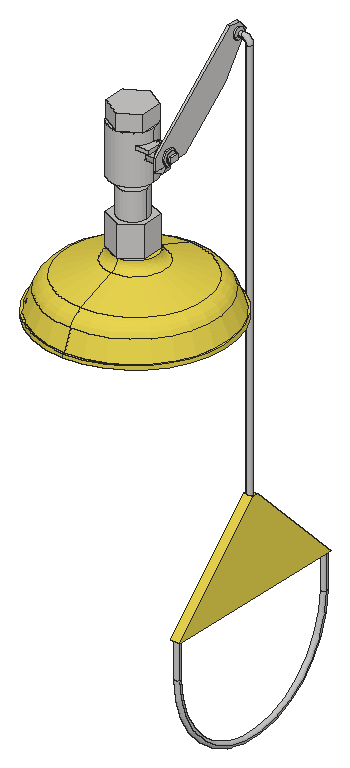
Revit family "Sanitary_Other_Encon-Safety_Vertical-Showers-30-gpm-ABS-Hi-Viz-Shower-Head", category Plumbing Fixtures, Revit 2019
Family settings
  Round Connector Dimension = Use Diameter
  Part Type = Normal
  OmniClass Number = 23.45.05.14.24
  OmniClass Title = Eye Wash Fountains
  Work Plane-Based = No
  Always vertical = Yes
  Cut with Voids When Loaded = No
  Shared = No
  Room Calculation Point = No
Parameters (values of type "01052502")
  Width = 15.155"
  Waste Connection = 1 = 1  # yes
  WFU = 0
  Vent Connection = no
  URL = "https://enconsafety.com/"
  Supply Diameter = 1"
  Product data url = "https://www.bimobject.com/encon/product/Vertical_showers_30_gpm_ABS_Hi-Viz_shower_head"
  Product Guid = "7155e654-505d-43d8-a268-c4885b60186b"
  Model = "01052502"
  Piping Material = Encon Safety Products - Metal - Steel Galvanized
  Manufacturer = "Encon Safety Products"  # constant formula
  Keynote = "15410"
  Height = 43 5/8"
  Heads Material = Encon Safety Products - Plastic - Acetal - Yellow
  HWFU = 0
  HW Connection = no
  Flow = 30 GPM
  Edition number = 1  # constant formula
  Description = "Vertical showers 30 gpm ABS Hi-Viz shower head"
  Depth = 0"
  CWFU = 0
  CW Connection = 1 = 1  # yes
  Assembly Code = "D2010600"
Reference planes (in)
  plane 1 "Center (Front/Back)": y = 0
  plane 2: z = 0
  plane 3 "Center (Left/Right)": x = 0
  plane 4: z = 6.5
  plane 5: z = 37.90625
  plane 6: z = 39.6563
  plane 7: z = 43.625
  plane 8 "1": z = 0.45439
Forms (in)
  Revolve 1, solid, material "Encon Safety Products - Plastic - Acetal - Yellow" <- "Heads Material"
    sketch origin (0, 0, 0) x (0, 1, 0) y (0, 0, 1)
      loop
        line (4.17276, 0) -> (4.17276, 0.1875) -> (4.08965, 0.1875) -> (3.73932, 1.05458)
        arc (3.73932, 1.05458) -> (3.5068, 1.39931) -> (3.15416, 1.61966) r 1
        line (3.15416, 1.61966) -> (1.33889, 2.28037)
        arc (1.33889, 2.28037) -> (1.09604, 2.46222) -> (1, 2.75) r 0.50843
        line (1, 2.75) -> (0, 2.75) -> (0, 2.63504) -> (0.87644, 2.63504)
        arc (0.87644, 2.63504) -> (1.0427, 2.3399) -> (1.32507, 2.15276) r 0.72369
        line (1.32507, 2.15276) -> (3.1402, 1.4921)
        arc (3.1402, 1.4921) -> (3.45368, 1.29622) -> (3.66039, 0.98977) r 0.88895
        line (3.66039, 0.98977) -> (3.98452, 0.1875) -> (3.98452, 0) -> (4.17276, 0)
      axis (0, 2.75) -> (0, 0)
    angle from 0 to 360
  Extrusion 2, solid, material "Encon Safety Products - Metal - Steel Galvanized" <- "Piping Material"
    sketch origin (0, 0, 0) x (1, 0, 0) y (0, 1, 0)
      loop
        line (-0.19084, 1.00698) -> (-1.02162, 0.43197) -> (-0.93904, -0.57501) -> (-0.02567, -1.00698) -> (0.80511, -0.43197) -> (0.72252, 0.57501) -> (-0.19084, 1.00698)
    from 2.75058 to 4.15634
  Extrusion 3, solid, material "Encon Safety Products - Plastic - ABS - Yellow"
    sketch origin (0, 0, 0) x (0, 1, 0) y (0, 0, 1)
      loop
        line (4.14669, -8.48204) -> (3.89678, -8.48204) -> (-0.33836, -12.71718) -> (8.38183, -12.71718) -> (4.14669, -8.48204)
    from 1.9505 to 2.3755
  Sweep 4, solid, material "Encon Safety Products - Metal - Steel Galvanized" <- "Piping Material"
    path origin (2.15981, -9.99925, 0.59815) x (0, 1, 0) y (0, 0, 1)
      loop
        line (18.25901, -13.33602) -> (18.25901, -14.90297)
        arc (18.25901, -14.90297) -> (14.01091, -19.15107) -> (9.76281, -14.90297) r 4.2481
        line (9.76281, -14.90297) -> (9.76281, -13.33602)
    profile origin (2.15981, 8.25976, -13.52134) x (1, 0, 0) y (0, 1, 0)
      loop
        circle (0, 0) r 0.12781
  Sweep 5, solid, material "Encon Safety Products - Metal - Steel Galvanized" <- "Piping Material"
    path origin (0, -9.86487, 0) x (1, 0, 0) y (0, 0, 1)
      loop
        line (1.13533, 10.44119) -> (1.82751, 10.44119)
        arc (1.82751, 10.44119) -> (2.00428, 10.36797) -> (2.07751, 10.19119) r 0.25
        line (2.07751, 10.19119) -> (2.07751, -8.55881)
    profile origin (1.13533, -9.86487, 10.44119) x (0, 0, 1) y (0, -1, 0)
      loop
        arc (-0.00691, -14.01221) -> (0.1514, -13.8872) -> (-0.0069, -13.76217) r 0.12852
        arc (-0.0069, -13.76217) -> (-0.10564, -13.88719) -> (-0.00691, -14.01221) r 0.12852
  Extrusion 6, solid, material "Encon Safety Products - Metal - Steel Galvanized" <- "Piping Material"
    sketch origin (0, 0, 0) x (0, 1, 0) y (0, 0, 1)
      loop
        line (3.65894, 10.89584) -> (-0.6562, 7.27501) -> (-0.6562, 6.72323) -> (-0.29409, 6.72323) -> (1.0198, 6.72323) -> (3.33042, 8.66207) -> (4.55515, 10.41117) -> (4.18725, 10.84962) -> (3.65894, 10.89584)
    from 1.38424 to 1.50924
  Extrusion 7, solid, material "Encon Safety Products - Metal - Steel Galvanized" <- "Piping Material"
    sketch origin (0, 0, 0) x (0, 1, 0) y (0, 0, 1)
      loop
        circle (4.02076, 10.46728) r 0.25
    from 1.50924 to 1.63424
  Extrusion 8, solid, material "Encon Safety Products - Metal - Steel Galvanized" <- "Piping Material"
    sketch origin (0, 0, 0) x (1, 0, 0) y (0, 0, 1)
      loop
        line (0.96958, 6.38931) -> (1.00193, 6.26857) -> (1.32395, 6.35485)
        arc (1.32395, 6.35485) -> (1.45763, 6.44496) -> (1.50924, 6.59768) r 0.25176
        line (1.50924, 6.59768) -> (1.50924, 6.72323) -> (1.38424, 6.72323) -> (1.38424, 6.59768)
        arc (1.38424, 6.59768) -> (1.35846, 6.52105) -> (1.2916, 6.4756) r 0.12677
        line (1.2916, 6.4756) -> (0.96958, 6.38931)
    from -0.13321 to 0.11679
  Extrusion 9, solid, material "Encon Safety Products - Metal - Steel Galvanized" <- "Piping Material"
    sketch origin (0, 0, 0) x (0, 1, 0) y (0, 0, 1)
      loop
        line (-0.71751, 7.52534) -> (-0.71751, 7.35335) -> (0, 7.35335)
        arc (0, 7.35335) -> (0.17961, 7.27896) -> (0.254, 7.09935) r 0.254
        line (0.254, 7.09935) -> (0.254, 6.39134) -> (0.434, 6.39134) -> (0.434, 7.09134)
        arc (0.434, 7.09134) -> (0.30688, 7.39822) -> (0, 7.52534) r 0.434
        line (0, 7.52534) -> (-0.71751, 7.52534)
    from 0 to 1.22799
  Extrusion 10, solid, material "Encon Safety Products - Metal - Steel Galvanized" <- "Piping Material"
    sketch origin (0, 0, 0) x (0, 1, 0) y (0, 0, 1)
      loop
        circle (0, 7.08784) r 0.43747
    from 0 to 1.25924
  Extrusion 11, solid, material "Encon Safety Products - Metal - Steel Galvanized" <- "Piping Material"
    sketch origin (0, 0, 0) x (0, 1, 0) y (0, 0, 1)
      loop
        line (0, 7.47634) -> (-0.33342, 7.28384) -> (-0.33342, 6.89884) -> (0, 6.70634) -> (0.33342, 6.89884) -> (0.33342, 7.28384) -> (0, 7.47634)
    from 1.25924 to 1.38424
  Extrusion 12, solid, material "Encon Safety Products - Metal - Steel Galvanized" <- "Piping Material"
    sketch origin (0, 0, 0) x (0, 1, 0) y (0, 0, 1)
      loop
        line (0.18042, 7.40384) -> (-0.18042, 7.40384) -> (-0.36084, 7.09134) -> (-0.18042, 6.77884) -> (0.18042, 6.77884) -> (0.36084, 7.09134) -> (0.18042, 7.40384)
    from 1.50924 to 1.63424
  Extrusion 13, solid, material "Encon Safety Products - Metal - Steel Galvanized" <- "Piping Material"
    sketch origin (0, 0, 0) x (0, 1, 0) y (0, 0, 1)
      loop
        circle (0, 7.09051) r 0.25
    from 1.63424 to 1.70604
  Extrusion 14, solid, material "Encon Safety Products - Metal - Steel Galvanized" <- "Piping Material"
    sketch origin (0, 0, 0) x (0, 1, 0) y (0, 0, 1)
      loop
        arc (-0.17799, 7.21634) -> (-0.21983, 7.09134) -> (-0.17799, 6.96634) r 0.20765
        line (-0.17799, 6.96634) -> (0.17799, 6.96634)
        arc (0.17799, 6.96634) -> (0.21668, 7.09134) -> (0.17799, 7.21634) r 0.22127
        line (0.17799, 7.21634) -> (-0.17799, 7.21634)
    from 1.70604 to 1.83624
  Extrusion 15, solid, material "Encon Safety Products - Metal - Steel Galvanized" <- "Piping Material"
    sketch origin (0, 0, 0) x (1, 0, 0) y (0, 1, 0)
      loop
        circle (-0.10826, 0) r 0.6575
    from 4.15634 to 5.40634
  Extrusion 16, solid, material "Encon Safety Products - Metal - Steel Galvanized" <- "Piping Material"
    sketch origin (0, 0, 0) x (1, 0, 0) y (0, 1, 0)
      loop
        line (-0.10826, 1) -> (-0.97428, 0.5) -> (-0.97428, -0.5) -> (-0.10826, -1) -> (0.75777, -0.5) -> (0.75777, 0.5) -> (-0.10826, 1)
    from 8.02634 to 8.77634
  Extrusion 17, solid, material "Encon Safety Products - Metal - Steel Galvanized" <- "Piping Material"
    sketch origin (0, 0, 0) x (1, 0, 0) y (0, 1, 0)
      loop
        circle (-0.10826, 0) r 1
    from 5.78134 to 8.02634
Cuts and joins
  joined: Extrusion 6, Extrusion 8
Lines and regions (in)
  Masking region 1
    outline origin (0, 0, 0) x (1, 0, 0) y (0, 1, 0)
      loop
        line (-0.66673, 1.48392) -> (0.67222, 1.48392) -> (0.67222, 7.10983) -> (-0.66673, 7.10983) -> (-0.66673, 1.48392)
  Masking region 2
    outline origin (0, 0, 0) x (1, 0, 0) y (0, 1, 0)
      loop
        arc (-0.66673, 4.11915) -> (-4.15933, -0.33444) -> (0, -4.17276) r 4.17276
        arc (0, -4.17276) -> (4.15911, -0.33721) -> (0.67222, 4.11825) r 4.17276
        line (0.67222, 4.11825) -> (0.67222, 1.48392) -> (-0.66673, 1.48392) -> (-0.66673, 4.11915)
  Masking region 3
    outline origin (0, 0, 0) x (1, 0, 0) y (0, 1, 0)
      loop
        line (0.75, 0) -> (0.75, 1.18186) -> (-0.75, 1.18186) -> (-0.75, 0)
        arc (-0.75, 0) -> (0, -0.75) -> (0.75, 0) r 0.75
  Masking region 4, detail levels fine
    outline origin (0, 0, 0) x (1, 0, 0) y (0, 1, 0)
      loop
        line (-0.75, 0.43301) -> (-1, 0) -> (-0.5, -0.86603) -> (0.5, -0.86603) -> (1, 0) -> (0.75, 0.43301) -> (0.75, 0)
        arc (0.75, 0) -> (0, -0.75) -> (-0.75, 0) r 0.75
        line (-0.75, 0) -> (-0.75, 0.43301)
  Masking region 5
    outline origin (0, 0, 0) x (1, 0, 0) y (0, 1, 0)
      loop
        line (-0.89371, 1.48392) -> (-0.89371, 1.18186) -> (0.89371, 1.18186) -> (0.89371, 1.48392) -> (-0.89371, 1.48392)
  Masking region 6
    outline origin (0, 0, 0) x (1, 0, 0) y (0, 1, 0)
      loop
        arc (-0.75, 0.66144) -> (-0.91144, -0.41144) -> (0, -1) r 1
        arc (0, -1) -> (0.91144, -0.41144) -> (0.75, 0.66144) r 1
        line (0.75, 0.66144) -> (0.75, 0)
        arc (0.75, 0) -> (0, -0.75) -> (-0.75, 0) r 0.75
        line (-0.75, 0) -> (-0.75, 0.66144)
  Masking region 7, detail levels fine
    outline origin (0, 0, 0) x (1, 0, 0) y (0, 1, 0)
      loop
        line (0.76429, 7.10983) -> (0.76429, 7.98448) -> (-0.76429, 7.98448) -> (-0.76429, 7.10983) -> (0.76429, 7.10983)
      loop
        line (-0.76429, 10.48364) -> (-0.76429, 9.63356) -> (0.76429, 9.63356) -> (0.76429, 10.48364) -> (-0.76429, 10.48364)
      loop
        line (1.6175, 8.07596) -> (1.6175, 14.31819) -> (1.4925, 14.31819) -> (1.4925, 8.07596) -> (1.6175, 8.07596)
  Masking region 8, detail levels fine
    outline origin (0, 0, 0) x (1, 0, 0) y (0, 1, 0)
      loop
        line (0.9464, 9.63356) -> (-0.9464, 9.63356) -> (-0.9464, 7.98448) -> (0.9464, 7.98448) -> (0.9464, 8.48448)
        arc (0.9464, 8.48448) -> (0.86545, 8.93402) -> (0.9464, 9.38356) r 1.28877
        line (0.9464, 9.38356) -> (0.9464, 9.63356)
  Masking region 9, detail levels fine
    outline origin (0, 0, 0) x (1, 0, 0) y (0, 1, 0)
      loop
        line (0.94216, 8.49603) -> (1.3675, 8.49603) -> (1.3675, 9.38356) -> (0.9464, 9.38356)
        arc (0.9464, 9.38356) -> (0.86547, 8.94017) -> (0.94216, 8.49603) r 1.28877
  Masking region 10, detail levels fine
    outline origin (0, 0, 0) x (1, 0, 0) y (0, 1, 0)
      loop
        line (1.3675, 9.32) -> (1.3675, 8.55) -> (1.4925, 8.55) -> (1.4925, 9.32) -> (1.3675, 9.32)
      loop
        line (1.7375, 8.57416) -> (1.7375, 9.29584) -> (1.6175, 9.29584) -> (1.6175, 8.57416) -> (1.7375, 8.57416)
  Masking region 11, detail levels fine
    outline origin (0, 0, 0) x (1, 0, 0) y (0, 1, 0)
      loop
        line (1.82696, 8.67894) -> (1.82696, 9.19686) -> (1.7375, 9.19686) -> (1.7375, 8.67894) -> (1.82696, 8.67894)
  Masking region 12, detail levels fine
    outline origin (0, 0, 0) x (1, 0, 0) y (0, 1, 0)
      loop
        line (1.9445, 9.0606) -> (1.82696, 9.0606) -> (1.82696, 8.81055) -> (1.9445, 8.81055) -> (1.9445, 9.0606)
  Masking region 13, detail levels fine
    outline origin (0, 0, 0) x (1, 0, 0) y (0, 1, 0)
      loop
        line (1.23565, 14.00647) -> (1.23565, 13.7495) -> (1.4925, 13.7495) -> (1.4925, 14.00647) -> (1.23565, 14.00647)
      loop
        line (1.7375, 14.09614) -> (1.6175, 14.09614) -> (1.6175, 13.59363) -> (1.7375, 13.59363) -> (1.7375, 14.09614)
  Masking region 14, detail levels fine
    outline origin (0, 0, 0) x (1, 0, 0) y (0, 1, 0)
      loop
        arc (2.16974, 13.74943) -> (2.29827, 13.87795) -> (2.16974, 14.00647) r 0.12852
        line (2.16974, 14.00647) -> (1.7375, 14.00647) -> (1.7375, 13.74943) -> (2.16974, 13.74943)
  Masking region 15
    outline origin (0, 0, 0) x (1, 0, 0) y (0, 1, 0)
      loop
        line (1.9505, 18.27842) -> (1.9505, 14.00647) -> (2.16974, 14.00647)
        arc (2.16974, 14.00647) -> (2.29827, 13.87795) -> (2.16974, 13.74943) r 0.12852
        line (2.16974, 13.74943) -> (1.9505, 13.74943) -> (1.9505, 9.47747) -> (2.3755, 9.47747) -> (2.3755, 18.27842) -> (1.9505, 18.27842)
  Masking region 16, detail levels coarse+medium
    outline origin (0, 0, 0) x (1, 0, 0) y (0, 1, 0)
      loop
        line (-0.76429, 10.48364) -> (-0.76429, 7.10983) -> (0.76429, 7.10983) -> (0.76429, 10.48364) -> (-0.76429, 10.48364)
  Masking region 17, detail levels coarse+medium
    outline origin (0, 0, 0) x (1, 0, 0) y (0, 1, 0)
      loop
        line (1.4925, 14.31819) -> (1.4925, 8.07596) -> (1.6175, 8.07596) -> (1.6175, 14.31819) -> (1.4925, 14.31819)
  Masking region 18, detail levels coarse+medium
    outline origin (0, 0, 0) x (1, 0, 0) y (0, 1, 0)
      loop
        line (2.16974, 14.00647) -> (1.7375, 14.00647) -> (1.6175, 14.00647) -> (1.6175, 13.74943) -> (1.7375, 13.74943) -> (2.16974, 13.74943)
        arc (2.16974, 13.74943) -> (2.29827, 13.87795) -> (2.16974, 14.00647) r 0.12852
  Masking region 19, detail levels coarse+medium
    outline origin (0, 0, 0) x (1, 0, 0) y (0, 1, 0)
      loop
        line (0.76429, 9.38179) -> (0.76429, 8.48468) -> (1.4925, 8.48468) -> (1.4925, 9.38179) -> (0.76429, 9.38179)
Dimensions and locks (in)
  plane 4 to plane 2 = 6 1/2"
  plane 5 to plane 2 = 37 29/32"
  plane 7 to plane 2 = 43 5/8"
  locked: plane 8 "1" to level at 0.45439
  aligned and locked: plane 2 to level
Connectors (in)
  piping at (-0.10826, 0, 8.77634), diameter 1, driven by "Supply Diameter", driven by "CWFU"
    settings: on Extrusion 16, index 1, connector inside diameter 24", connector length 0", flow factor 0, pipe flow 0 GPM, pressure drop 0.00 psi, fitting loss kfactor 0, connector angle 0.00°, fixture units 0, engagement length 0", angle of deflection 0.00°, flow configuration 3, flow direction 1, fitting loss method 0, system type 16, joint type 0, gender type 0, connector reference index -1, connector utility 0, adjustable connector no, is connector primary yes, connector description "1\" NPT Inlet"
